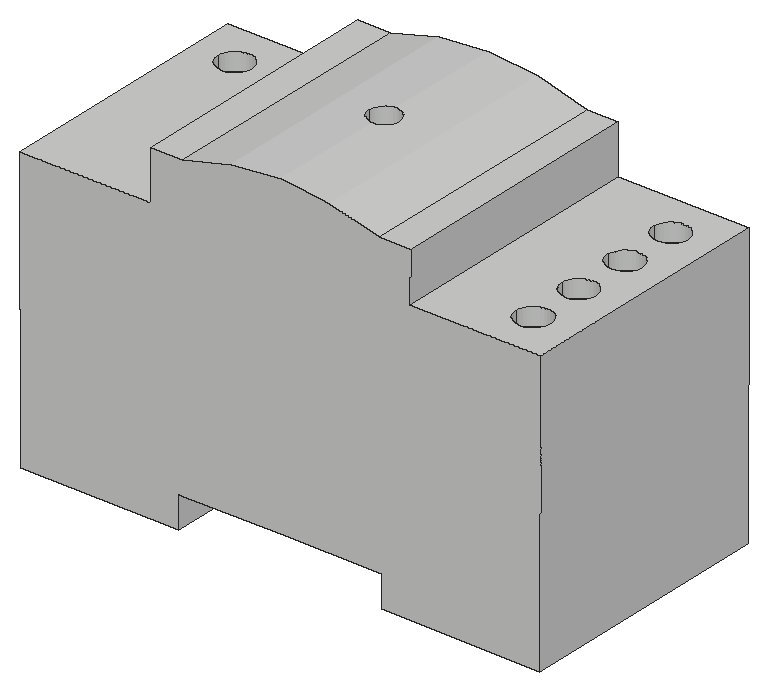
Revit family "Überspannungsableiter Compact mit Fernsignalisierung", category Generic Models, Revit 2015
Parameters (values of type "V10 COMPACT-FS")
  Width = 90 mm
  URL = "http://www.obo-bettermann.com"
  Material = OBO PA 6 GF20
  Manufacturer Art.No. = "5093382"
  Manufacturer = "OBO Bettermann"
  Length = 45 mm
  Height = 60.4 mm
  GTIN = "4012196098583"
  Diameter = 6 mm
  Cut depth = 12 mm
  Article Type = "V10 COMPACT-FS"
Reference planes
  plane 1 "Center (Front/Back)": y = 0
  plane 2: z = 0
  plane 3 "Center (Left/Right)": x = 0
  plane 4: z = 60.4
  plane 5: y = 22.5
  plane 6: y = -22.5
  plane 7: z = 37
  plane 8: z = 48
  plane 9: z = 46
  plane 10: x = 39
  plane 11: x = -39
  plane 12: z = 61.5
  plane 13: z = 51.5
  plane 14: z = 61.5
  plane 15: z = 51.5
Forms (mm)
  Extrusion 1, solid, material "OBO PA 6 GF20" <- "Material"
    sketch origin (0, 0, 0) x (1, 0, 0) y (0, 0, 1)
      loop
        line (0, 5.5) -> (17.5, 5.5) -> (17.5, 0) -> (45, 0) -> (45, 49) -> (22.5, 49) -> (22.5, 57.5) -> (17, 57.5)
        arc (17, 57.5) -> (0, 60.5) -> (-17, 57.5) r 49.667
        line (-17, 57.5) -> (-22.5, 57.5) -> (-22.5, 49) -> (-45, 49) -> (-45, 0) -> (-17.5, 0) -> (-17.5, 5.5) -> (0, 5.5)
    from -22.5 to 22.5
  Extrusion 2, void
    sketch origin (0, 0, 0) x (1, 0, 0) y (0, 1, 0)
      loop
        circle (0, 0) r 2.6
    from 51.5 to 61.5
  Extrusion 3, void
    sketch origin (0, 0, 0) x (1, 0, 0) y (0, 1, 0)
      loop
        circle (37.7, -14.9) r 3
      loop
        circle (37.7, -5) r 3
      loop
        circle (37.7, 5) r 3
      loop
        circle (37.7, 14.9) r 3
    from 46 to 49
  Extrusion 4, void
    sketch origin (0, 0, 0) x (1, 0, 0) y (0, 1, 0)
      loop
        circle (-37.7, 14.85) r 3
    from 46 to 49
Cuts and joins
  Extrusion 2, Extrusion 3, Extrusion 4 cuts Extrusion 1
Dimensions and locks
  locked: Extrusion 1 sketch curve to plane 3 "Center (Left/Right)" at 45
  locked: Extrusion 1 sketch curve to level at 49  (x2)
  locked: Extrusion 1 sketch curve to level at 5.5
  locked: Extrusion 1 sketch curve to plane 3 "Center (Left/Right)" at 17.5
  locked: Extrusion 1 sketch curve to plane 3 "Center (Left/Right)" at 22.5
  locked: Extrusion 1 sketch curve to level at 57.5  (x2)
  locked: Extrusion 1 sketch curve to Extrusion 1 sketch curve at 5.5  (x2)
  "Width": Extrusion 1 sketch curve to Extrusion 1 sketch curve
  locked: plane 3 "Center (Left/Right)" to Extrusion 1 sketch curve at 17.5
  locked: plane 3 "Center (Left/Right)" to Extrusion 1 sketch curve at 22.5
  "Height": plane 4 to level
  "Length": plane 5 to plane 6
  "Cut depth": cut or joined group of Extrusion 1, Extrusion 2, Extrusion 3, Extrusion 4 to plane 7
  locked: cut or joined group of Extrusion 1, Extrusion 2, Extrusion 3, Extrusion 4 to plane 8 at 1
  locked: plane 8 to plane 9 at 2
  locked: plane 12 to cut or joined group of Extrusion 1, Extrusion 2, Extrusion 3, Extrusion 4 at 4
  locked: plane 12 to plane 13 at 10
  locked: plane 14 to cut or joined group of Extrusion 1, Extrusion 2, Extrusion 3, Extrusion 4 at 4
  locked: plane 14 to plane 15 at 10
  locked: plane 5 to plane 1 "Center (Front/Back)" at 22.5
  locked: Extrusion 3 sketch curve to plane 1 "Center (Front/Back)" at 5
  locked: plane 3 "Center (Left/Right)" to Extrusion 3 sketch curve at 37.7  (x4)
  locked: Extrusion 3 sketch curve to Extrusion 3 sketch curve at 9.9  (x2)
  locked: plane 1 "Center (Front/Back)" to Extrusion 3 sketch curve at 5
  locked: Extrusion 4 sketch curve to plane 3 "Center (Left/Right)" at 37.7
  locked: plane 1 "Center (Front/Back)" to Extrusion 4 sketch curve at 14.85
  radius of Extrusion 1 sketch curve = 49.667 mm
  radius of Extrusion 2 sketch curve = 2.6 mm
  "Diameter": diameter of Extrusion 3 sketch curve  (x4)
  "Diameter": diameter of Extrusion 4 sketch curve
  aligned and locked: level to plane 2
  aligned and locked: Extrusion 1 to plane 5
  aligned and locked: plane 6 to Extrusion 1
  aligned and locked: Extrusion 2 to plane 15
  aligned and locked: plane 14 to Extrusion 2
  aligned and locked: Extrusion 3 to plane 9
  aligned and locked: Extrusion 1 to Extrusion 3
  aligned and locked: Extrusion 4 to plane 9
  aligned and locked: Extrusion 1 to Extrusion 4
Automatic sketch dimensions
  Extrusion 1 sketch curve to plane 3 "Center (Left/Right)" = 0 mm
  Extrusion 1 sketch curve to level = 0 mm  (x2)
  plane 1 "Center (Front/Back)" to Extrusion 2 sketch curve = 0 mm
  Extrusion 2 sketch curve to plane 3 "Center (Left/Right)" = 0 mm
